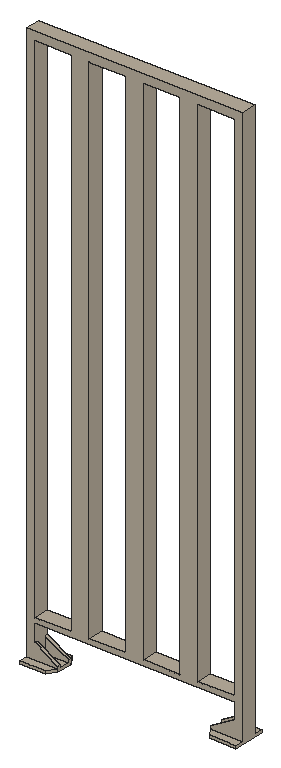
Revit family "MB-15 Fencing", category Generic Models, Revit 2019
Family settings
  Can host rebar = No
  Round Connector Dimension = Use Diameter
  Part Type = Normal
  Work Plane-Based = No
  Always vertical = Yes
  Cut with Voids When Loaded = No
  Shared = No
  Room Calculation Point = No
Parameters
  Weight = "21.5 kg"
  Unit of measurement = "pcs"
  URL = "https://www.perco.com/products/mb-15-full-height-railings.php"
  Operating temperature = "от -40°C до +55°C"
  Number = 1
  Name = "MB-15 Fencing"
  Manufacturer = "PERCo"
  Full name = "MB-15 Full height fence"
  Dimensions = "820х120x2150 mm"
  Material = Steel painted RAL 1019
Reference planes
  plane 1 "По центру (Вперед/Назад)": y = 0
  plane 2: z = 0
  plane 3 "По центру (Влево/Вправо)": x = 0
  plane 4: x = -410
  plane 5: x = 410
  plane 6: y = 60
  plane 7: y = -60
Forms (mm)
  Extrusion 1, solid, material "Steel painted RAL 1019" <- "Material"
    sketch origin (0, 0, 0) x (1, 0, 0) y (0, 1, 0)
      loop
        line (-410, 30) -> (-410, -30) -> (410, -30) -> (410, 30) -> (-410, 30)
    from 2120 to 2150
  Extrusion 2, solid, material "Steel painted RAL 1019" <- "Material"
    sketch origin (0, 0, 0) x (1, 0, 0) y (0, 1, 0)
      loop
        line (-410, 30) -> (-410, -30) -> (410, -30) -> (410, 30) -> (-410, 30)
    from 135 to 155
  Extrusion 3, solid, material "Steel painted RAL 1019" <- "Material"
    sketch origin (0, 0, 0) x (1, 0, 0) y (0, 1, 0)
      loop
        line (-410, 30) -> (-410, -30) -> (-380, -30) -> (-380, 30) -> (-410, 30)
      loop
        line (410, 30) -> (380, 30) -> (380, -30) -> (410, -30) -> (410, 30)
    from 10 to 2120
  Extrusion 4, solid, material "Steel painted RAL 1019" <- "Material"
    sketch origin (0, 0, 0) x (1, 0, 0) y (0, 1, 0)
      loop
        line (-410, 0) -> (-410, -60) -> (-311.006, -60) -> (-290, -30) -> (-290, 30) -> (-311.006, 60) -> (-410, 60) -> (-410, 0)
      loop
        line (410, 0) -> (410, 60) -> (311.006, 60) -> (290, 30) -> (290, -30) -> (311.006, -60) -> (410, -60) -> (410, 0)
    from 0 to 10
  Extrusion 5, solid, material "Steel painted RAL 1019" <- "Material"
    sketch origin (0, 0, 0) x (1, 0, 0) y (0, 0, 1)
      loop
        line (-290, 10) -> (-290, 20) -> (-380, 71.962) -> (-380, 10) -> (-290, 10)
    from -30 to -20
  Extrusion 6, solid, material "Steel painted RAL 1019" <- "Material"
    sketch origin (0, 0, 0) x (1, 0, 0) y (0, 0, 1)
      loop
        line (-290, 10) -> (-290, 20) -> (-380, 71.962) -> (-380, 10) -> (-290, 10)
    from 30 to 20
  Extrusion 7, solid, material "Steel painted RAL 1019" <- "Material"
    sketch origin (0, 0, 0) x (-1, 0, 0) y (0, 0, -1)
      loop
        line (-290, -10) -> (-380, -10) -> (-380, -71.962) -> (-290, -20) -> (-290, -10)
    from -30 to -20
  Extrusion 8, solid, material "Steel painted RAL 1019" <- "Material"
    sketch origin (0, 0, 0) x (-1, 0, 0) y (0, 0, -1)
      loop
        line (-290, -10) -> (-380, -10) -> (-380, -71.962) -> (-290, -20) -> (-290, -10)
    from 30 to 20
  Extrusion 9, solid, material "Steel painted RAL 1019" <- "Material"
    sketch origin (0, 0, 0) x (1, 0, 0) y (0, 0, 1)
      loop
        line (-240, 155) -> (-173, 155) -> (-173, 2120) -> (-240, 2120) -> (-240, 155)
      loop
        line (240, 155) -> (240, 2120) -> (173, 2120) -> (173, 155) -> (240, 155)
      loop
        line (33.5, 155) -> (33.5, 2120) -> (-33.5, 2120) -> (-33.5, 155) -> (33.5, 155)
    from -30 to 30
Cuts and joins
  joined: Extrusion 1, Extrusion 2, Extrusion 3, Extrusion 4, Extrusion 5, Extrusion 6, Extrusion 7, Extrusion 8, Extrusion 9
Dimensions and locks
  cut or joined group 1 (Extrusion 1, Extrusion 2, Extrusion 3, Extrusion 4, Extrusion 5, Extrusion 6, Extrusion 7, Extrusion 8, Extrusion 9) to cut or joined group 1 = 820 mm
  cut or joined group 1 to cut or joined group 1 = 120 mm
  cut or joined group 1 to level = 2150 mm
  aligned and locked: level to plane 2
